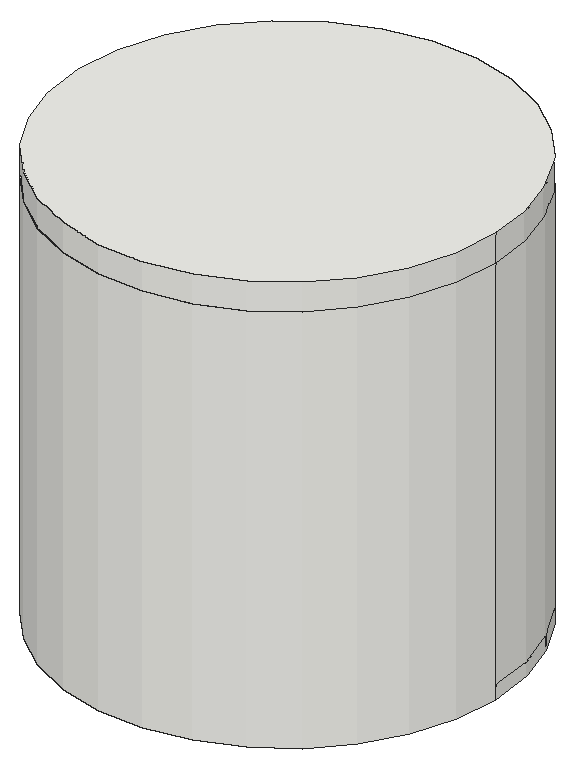
Revit family "M_Luminária embutida - Spot de parede", category Luminárias, Revit 2019
Family settings
  Hospedeiro = Forro
  Cota do conector redondo = Utilizar diâmetro
  Tipo de parte = Normal
  Número OmniClass = 23.80.70.11.14.11
  Título OmniClass = Downlights
  ID de item do Seek = Downlight - Wall Washer-0000-CAN-ENU
  Sempre na vertical = Sim
  Corte com vazios quando carregada = Não
  Fonte luminosa = Sim
  Compartilhado = Não
  Ponto de cálculo do ambiente = Não
Parameters (values of type "203 mm Incandescente - 277V")
  Wattage = 100 W
  built-in parameter 1150110 = 1 (stored number, unit not read)
  built-in parameter 1114217 = 1 (stored number, unit not read)
  built-in parameter 1150109 = 1 (stored number, unit not read)
  built-in parameter 1150134 = 4
  built-in parameter 1150113 = 1 (stored number, unit not read)
  Tilt Angle = 90.00°
  Raio do recesso = Diâmetro do recesso / 2  # 100 mm
  Raio interno do recesso = Raio do recesso - 12.7 mm  # 87.3 mm
  Arquivo de rede fotométrica = "CLFR1A21.ies"
  Material = Aço, acabamento de pintura, marfim, com brilho
  built-in parameter 1150115 = 1 (stored number, unit not read)
  built-in parameter 1150105 = 139.26 (stored number, unit not read)
  Classificação de carga = Iluminação - Unidade de interrupção
  built-in parameter 1150137 = 1
  built-in parameter 1150139 = (empty or 0)
  built-in parameter 1150112 = 1 (stored number, unit not read)
  built-in parameter 1150114 = 1 (stored number, unit not read)
  built-in parameter 1150132 = (empty or 0)
  built-in parameter 1150102 = (empty or 0)
  built-in parameter 1150138 = (empty or 0)
  built-in parameter 1150107 = 2800 (stored number, unit not read)
  built-in parameter 1150106 = 1.3926 (stored number, unit not read)
  built-in parameter 1150104 = 1.6258 (stored number, unit not read)
  Dimming Lamp Color Temperature Shift = (empty or 0)
  Color Filter = 16777215
  Voltagem do transformador = 277 V
  Transformador por número de postes = 1
  built-in parameter 1114218 = 1 (stored number, unit not read)
  built-in parameter 1150133 = 10 (stored number, unit not read)
  Código de montagem = "D5020220"
  Altura do recesso = 200 mm
  Diâmetro do recesso = 200 mm
  Lâmpada = "A-19"
  Lumens = 1750 lm
  Wattage Comments = ""
  Apparent Load = 100 VA
Types (7, lengths in mm): name | Wattage | built-in parameter 1114217 | built-in parameter 1150134 | Raio do recesso | Raio interno do recesso | Arquivo de rede fotométrica | built-in parameter 1150105 | built-in parameter 1150107 | built-in parameter 1150106 | built-in parameter 1150104 | Voltagem do transformador | built-in parameter 1114218 | Código de montagem | Diâmetro do recesso | Lâmpada | Lumens | Apparent Load
  (no name) | 100 W | 1 (stored number, unit not read) | 4 | 100 | 87.3 | "CLFR1A21.ies" | 139.26 (stored number, unit not read) | 2800 (stored number, unit not read) | 1.3926 (stored number, unit not read) | 1.6258 (stored number, unit not read) | 277 V | 1 (stored number, unit not read) | "D5020220" | 200 | "A-19" | 1750 lm | 100 VA
  152 mm Incandescente - 120V | 60 W | 1 (stored number, unit not read) | 4 | 75 | 62.3 | "CLFR1A19.ies" | 68.039 (stored number, unit not read) | 2800 (stored number, unit not read) | 0.68039 (stored number, unit not read) | 1.3239 (stored number, unit not read) | 120 V | 1 (stored number, unit not read) | "D5020220" | 150 | "A-19" | 855 lm | 60 VA
  152 mm Incandescente - 277V | 60 W | 1 (stored number, unit not read) | 4 | 75 | 62.3 | "CLFR1A19.ies" | 68.039 (stored number, unit not read) | 2800 (stored number, unit not read) | 0.68039 (stored number, unit not read) | 1.3239 (stored number, unit not read) | 277 V | 1 (stored number, unit not read) | "D5020220" | 150 | "A-19" | 855 lm | 60 VA
  203 mm Incandescente - 277V | 100 W | 1 (stored number, unit not read) | 4 | 100 | 87.3 | "CLFR1A21.ies" | 139.26 (stored number, unit not read) | 2800 (stored number, unit not read) | 1.3926 (stored number, unit not read) | 1.6258 (stored number, unit not read) | 277 V | 1 (stored number, unit not read) | "D5020220" | 200 | "A-19" | 1750 lm | 100 VA
  203 mm Incandescente - 120V | 100 W | 1 (stored number, unit not read) | 4 | 100 | 87.3 | "CLFR1A21.ies" | 139.26 (stored number, unit not read) | 2800 (stored number, unit not read) | 1.3926 (stored number, unit not read) | 1.6258 (stored number, unit not read) | 120 V | 1 (stored number, unit not read) | "D5020220" | 200 | "A-19" | 1750 lm | 100 VA
  Fluorescente - 120V | 18 W | 0.88 (stored number, unit not read) | 8 | 100 | 87.3 | "DRC1CF.ies" | 99.465 (stored number, unit not read) | 4230 (stored number, unit not read) | 0.99465 (stored number, unit not read) | 6.4512 (stored number, unit not read) | 120 V | 0.88 (stored number, unit not read) | "D5020210" | 200 | 0 | 1249.92 lm | 18 VA
  Fluorescente - 277V | 18 W | 0.88 (stored number, unit not read) | 8 | 100 | 87.3 | "DRC1CF.ies" | 99.465 (stored number, unit not read) | 4230 (stored number, unit not read) | 0.99465 (stored number, unit not read) | 6.4512 (stored number, unit not read) | 277 V | 0.88 (stored number, unit not read) | "D5020210" | 200 | 0 | 1249.92 lm | 18 VA
Reference planes
  plane 1 "Eixo de origem da luz": y = 0
  plane 2 "Forro": z = 2438.4
  plane 3 "Eixo de origem da luz": x = 0
  plane 4: x = 100
  plane 5: x = -100
  plane 6: z = 2638.4
  plane 7 "Elevação da origem da luz": z = 2514.6
Forms (mm)
  Extrusion 1, solid, material "Aço, acabamento de pintura, marfim, com brilho" <- "Material"
    sketch origin (0, 0, 2438.4) x (1, 0, 0) y (0, 1, 0)
      loop
        circle (0, 0) r 100
      loop
        circle (0, 0) r 87.3
    from 0 to 187.3
  Extrusion 2, solid, material "Aço, acabamento de pintura, marfim, com brilho" <- "Material"
    sketch origin (0, 0, 2625.7) x (1, 0, 0) y (0, 1, 0)
      loop
        circle (0, 0) r 100
    from 0 to 12.7
  Extrusion 3, solid, material "Aço, acabamento de pintura, marfim, com brilho" <- "Material"
    sketch origin (0, 0, 2438.4) x (0, 1, 0) y (1, 0, 0)
      loop
        line (0, 100) -> (0, -100)
        arc (0, -100) -> (100, 0) -> (0, 100) r 100
    from 0 to -6.35
Lines and regions (mm)
  Opening 1
    outline origin (0, 0, 2438.4) x (1, 0, 0) y (0, 1, 0)
      loop
        circle (0, 0) r 100
  symbolic lines
    curve 1: arc (100, 0, 2438.4) -> (0, 100, 2438.4) -> (-100, 0, 2438.4) r 100
    curve 2: arc (-100, 0, 2438.4) -> (0, -100, 2438.4) -> (100, 0, 2438.4) r 100
    curve 3: line (-100, -76.2, 0) -> (0, -161.988, 0)
    curve 4: line (100, -76.2, 0) -> (0, -161.988, 0)
Dimensions and locks
  equal spacing: host sketch curve, plane 3 "Eixo de origem da luz", host sketch curve
  equal spacing: host sketch curve, plane 1 "Eixo de origem da luz", host sketch curve
  host sketch curve to host sketch curve = 3048 mm  (x2)
  equal spacing: plane 5, plane 3 "Eixo de origem da luz", plane 4
  "Diâmetro do recesso": plane 5 to plane 4
  "Altura do recesso": plane 6 to plane 2 "Forro"
  locked: plane 6 to Extrusion 1 at 12.7
  locked: plane 7 "Elevação da origem da luz" to plane 2 "Forro" at 76.2
  aligned and locked: Extrusion 2 to plane 6
  aligned and locked: Extrusion 2 to Extrusion 1
  aligned and locked: Extrusion 3 sketch curve to Extrusion 1
  aligned and locked: plane 3 "Eixo de origem da luz" to imposter light
  aligned and locked: plane 1 "Eixo de origem da luz" to imposter light
  aligned and locked: plane 7 "Elevação da origem da luz" to imposter light
Automatic sketch dimensions
  Opening 1 sketch curve to plane 1 "Eixo de origem da luz" = 0 mm
  Opening 1 sketch curve to plane 5 = 0 mm
  Opening 1 sketch curve to plane 3 "Eixo de origem da luz" = 0 mm  (x2)
  Extrusion 1 sketch curve to plane 1 "Eixo de origem da luz" = 0 mm  (x2)
  Extrusion 1 sketch curve to plane 5 = 0 mm
  Extrusion 1 sketch curve to plane 3 "Eixo de origem da luz" = 0 mm  (x3)
  Extrusion 1 sketch curve to plane 5 = 12.7 mm
  Extrusion 2 sketch curve to plane 1 "Eixo de origem da luz" = 0 mm
  Extrusion 2 sketch curve to plane 5 = 0 mm
  Extrusion 2 sketch curve to plane 3 "Eixo de origem da luz" = 0 mm  (x2)
  curve 2 to plane 1 "Eixo de origem da luz" = 0 mm
  curve 2 to plane 5 = 0 mm
  curve 3 to plane 5 = 0 mm
  curve 4 to plane 3 "Eixo de origem da luz" = 0 mm
  curve 1 to plane 3 "Eixo de origem da luz" = 0 mm
  curve 4 to plane 4 = 0 mm
  curve 4 to curve 1 = 76.2 mm
  plane 1 "Eixo de origem da luz" to curve 3 = 76.2 mm
  curve 4 to curve 4 = 85.788 mm
Connectors
  electrical at (0, 0, 2638.4), driven by "Apparent Load", driven by "Voltagem do transformador", driven by "Transformador por número de postes", driven by "Classificação de carga"
    settings: on Extrusion 2, index 1, voltage 277 V, apparent load 0 VA, apparent load phase1 100 VA, apparent load phase2 0 VA, apparent load phase3 0 VA, power factor 0.95, load classification "Iluminação - Unidade de interrupção", number of poles 1, system type 31, power factor state 1, is connector primary yes, connector utility no, sub classification motor no, connector description ""
